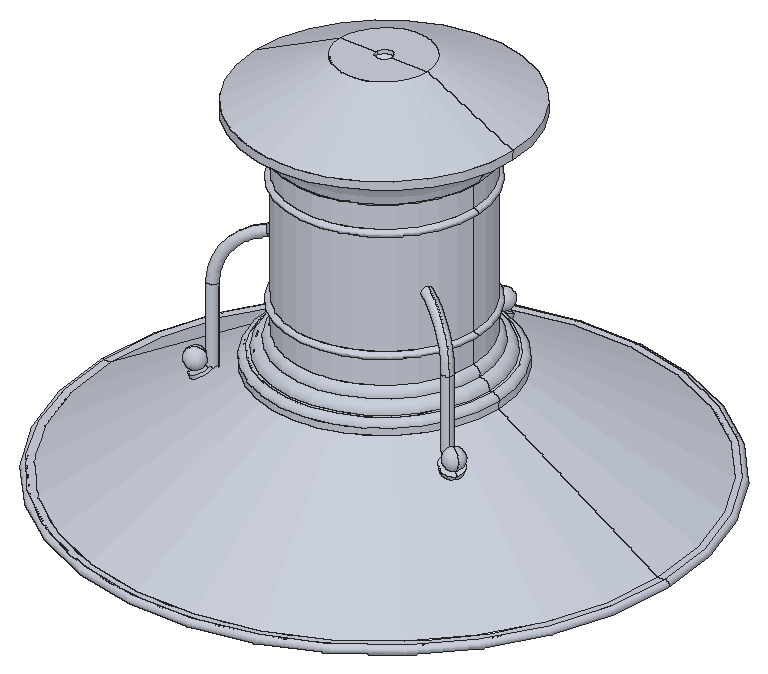
Revit family "MCA18 SHADE", category Lighting Fixtures, Revit 2024
Family settings
  Round Connector Dimension = Use Diameter
  Part Type = Normal
  OmniClass Number = 23.80.70.00
  OmniClass Title = Lighting
  Work Plane-Based = No
  Always vertical = Yes
  Cut with Voids When Loaded = No
  Light Source = Yes
  Maintain Annotation Orientation = No
  Shared = No
  Room Calculation Point = No
Parameters
  Wattage = 12.1178 W
  built-in parameter 1150110 = 1 (stored number, unit not read)
  built-in parameter 1114217 = 1 (stored number, unit not read)
  built-in parameter 1150109 = 1 (stored number, unit not read)
  built-in parameter 1150134 = (empty or 0)
  built-in parameter 1150113 = 1 (stored number, unit not read)
  Lumens = 1800 lm
  built-in parameter 1150115 = 1 (stored number, unit not read)
  built-in parameter 1150105 = 572.96 (stored number, unit not read)
  Light Source Symbol Size = 2' - 0"
  built-in parameter 1150137 = (empty or 0)
  built-in parameter 1150139 = (empty or 0)
  built-in parameter 1150112 = 1 (stored number, unit not read)
  built-in parameter 1150114 = 1 (stored number, unit not read)
  built-in parameter 1150132 = 2
  built-in parameter 1150102 = (empty or 0)
  built-in parameter 1150138 = (empty or 0)
  built-in parameter 1150107 = 3000 (stored number, unit not read)
  built-in parameter 1150106 = 5.7296 (stored number, unit not read)
  built-in parameter 1150104 = 13.8 (stored number, unit not read)
  Dimming Lamp Color Temperature Shift = (empty or 0)
  Default Elevation = 0' - 0"
  Color Filter = 16777215
  built-in parameter 1114218 = 1 (stored number, unit not read)
  built-in parameter 1150133 = 10 (stored number, unit not read)
Reference planes (in)
  plane 1 "Light Source Axis (F/B)": y = 0
  plane 2: z = 0
  plane 3 "Light Source Axis (L/R)": x = 0
  plane 4 "Light Source Elevation": z = 84
Forms (in)
  Revolve 1, solid
    sketch origin (0, 0, 0) x (1, 0, 0) y (0, 0, 1)
      loop
        line (-3.625, 87.24996) -> (-8.665, 84.25) -> (-8.875, 84.25)
        arc (-8.875, 84.25) -> (-8.97602, 84.05138) -> (-8.756, 84.08673) r 0.125
        line (-8.756, 84.08673) -> (-3.53125, 87.19667) -> (-3.53125, 87.44996)
        arc (-3.53125, 87.44996) -> (-3.50013, 87.52509) -> (-3.425, 87.55621) r 0.10625
        line (-3.425, 87.55621) -> (-3.20871, 87.55621)
        arc (-3.20871, 87.55621) -> (-3.20089, 87.75767) -> (-3.025, 87.85621) r 0.20625
        line (-3.025, 87.85621) -> (-2.93115, 87.95007)
        arc (-2.93115, 87.95007) -> (-2.87699, 88.09463) -> (-2.73363, 88.15189) r 0.19092
        line (-2.73363, 88.15189) -> (-2.73363, 88.96715) -> (-2.73363, 92.41311) -> (-2.73363, 93.49224) -> (-2.79841, 93.49224)
        arc (-2.79841, 93.49224) -> (-2.86377, 93.47668) -> (-2.92608, 93.50182) r 0.11064
        arc (-2.92608, 93.50182) -> (-3.32587, 94.14724) -> (-3.98544, 94.52321) r 1.53995
        line (-3.98544, 94.52321) -> (-3.98544, 94.64105) -> (-1.35364, 95.90625) -> (-0.25, 95.90625) -> (-0.25, 96) -> (-1.375, 96) -> (-4.07919, 94.7) -> (-4.07919, 94.45)
        arc (-4.07919, 94.45) -> (-3.40842, 94.09632) -> (-3.00882, 93.45186) r 1.4462
        arc (-3.00882, 93.45186) -> (-2.92656, 93.39538) -> (-2.82738, 93.38457) r 0.20439
        line (-2.82738, 93.38457) -> (-2.82738, 92.64962)
        spline (-2.82738, 92.64962) -> (-2.86775, 92.63099) -> (-2.90078, 92.61249) -> (-2.92647, 92.59412) -> (-2.94482, 92.57587) -> (-2.95583, 92.55776) -> (-2.9595, 92.53978) -> (-2.95583, 92.52192) -> (-2.94482, 92.50419) -> (-2.92647, 92.48659) -> (-2.90078, 92.46912) -> (-2.86775, 92.45178) -> (-2.82738, 92.43457)
        line (-2.82738, 92.43457) -> (-2.82738, 89.1822)
        spline (-2.82738, 89.1822) -> (-2.86775, 89.16357) -> (-2.90078, 89.14507) -> (-2.92647, 89.1267) -> (-2.94482, 89.10846) -> (-2.95583, 89.09034) -> (-2.9595, 89.07236) -> (-2.95583, 89.0545) -> (-2.94482, 89.03677) -> (-2.92647, 89.01917) -> (-2.90078, 89.0017) -> (-2.86775, 88.98436) -> (-2.82738, 88.96715)
        line (-2.82738, 88.96715) -> (-2.82738, 88.2322)
        arc (-2.82738, 88.2322) -> (-2.97373, 88.12437) -> (-3.025, 87.94996) r 0.28467
        arc (-3.025, 87.94996) -> (-3.23713, 87.8621) -> (-3.325, 87.64996) r 0.3
        line (-3.325, 87.64996) -> (-3.425, 87.64996)
        arc (-3.425, 87.64996) -> (-3.56642, 87.59139) -> (-3.625, 87.44996) r 0.2
        line (-3.625, 87.44996) -> (-3.625, 87.24996)
      axis (0, 96) -> (0, 84.08673)
    angle from 0 to 360
  Revolve 2, solid, not visible
    sketch origin (0, 0, 0) x (1, 0, 0) y (0, 0, 1)
      loop
        line (-2.99192, 88.09279) -> (-2.89556, 88.09279) -> (-2.89556, 88.38477) -> (-2.99192, 88.38477) -> (-2.99192, 88.09279)
      axis (-2.89556, 88.09279) -> (-2.99192, 88.09279)
    angle from 0 to 360
  Sweep 3, solid, not visible
    path origin (0, 0, 0) x (1, 0, 0) y (0, 0, 1)
      loop
        arc (-2.97158, 88.08519) -> (-3.96217, 87.55604) -> (-4.35786, 86.505) r 1.59375
        line (-4.35786, 86.505) -> (-4.35786, 85.3018)
    profile origin (-3.96217, 0, 87.55604) x (0.751723, 0, -0.659479) y (0, -1, 0)
      loop
        circle (0, 0) r 0.15625
  Revolve 4, solid, not visible
    sketch origin (0, 0, 0) x (1, 0, 0) y (0, 0, 1)
      loop
        line (-4.84702, 85.01395) -> (-4.61007, 85.21882) -> (-4.67548, 85.29447) -> (-5.07238, 85.7535)
        arc (-5.07238, 85.7535) -> (-5.11657, 85.32649) -> (-4.68956, 85.2823) r 0.30356
        line (-4.68956, 85.2823) -> (-4.91791, 85.08485) -> (-4.84702, 85.01395)
      axis (-4.61007, 85.21882) -> (-5.07238, 85.7535)
    angle from 0 to 360
  Revolve 5, solid
    sketch origin (0, -0.06637, 2.71559) x (0, -1, 0) y (0, 0, 1)
      loop
        line (-2.99192, 88.09279) -> (-2.89556, 88.09279) -> (-2.89556, 88.38477) -> (-2.99192, 88.38477) -> (-2.99192, 88.09279)
      axis (-2.89556, 88.09279) -> (-2.99192, 88.09279)
    angle from 0 to 360
  Sweep 6, solid
    path origin (0, -0.06637, 2.71559) x (0, -1, 0) y (0, 0, 1)
      loop
        arc (-2.97158, 88.08519) -> (-3.96217, 87.55604) -> (-4.35786, 86.505) r 1.59375
        line (-4.35786, 86.505) -> (-4.35786, 84.005)
    profile origin (0, 3.8958, 90.27164) x (0, -0.751723, -0.659479) y (-1, 0, 0)
      loop
        circle (0, 0) r 0.15625
  Revolve 7, solid
    sketch origin (0, -0.11904, 0.94241) x (0, -1, 0) y (0, 0, 1)
      loop
        line (-4.66401, 85.73047) -> (-4.98186, 86.35429)
        arc (-4.98186, 86.35429) -> (-5.12976, 85.97297) -> (-4.76555, 85.78687) r 0.30522
        line (-4.76555, 85.78687) -> (-5.01862, 85.65792) -> (-4.97488, 85.57207) -> (-4.66401, 85.73047)
      axis (-4.66401, 85.73047) -> (-4.98186, 86.35429)
    angle from 0 to 360
  Sweep 8, solid
    path origin (-0.05748, 0.03319, 2.71559) x (-0.866025, 0.5, 0) y (0, 0, 1)
      loop
        arc (-2.97158, 88.08519) -> (-3.96217, 87.55604) -> (-4.35786, 86.505) r 1.59375
        line (-4.35786, 86.505) -> (-4.35786, 84.005)
    profile origin (3.37386, -1.9479, 90.27164) x (-0.651011, 0.375862, -0.659479) y (0.5, 0.866025, 0)
      loop
        circle (0, 0) r 0.15625
  Revolve 9, solid
    sketch origin (-0.10309, 0.05952, 0.94241) x (-0.866025, 0.5, 0) y (0, 0, 1)
      loop
        line (-4.66401, 85.73047) -> (-4.98186, 86.35429)
        arc (-4.98186, 86.35429) -> (-5.12976, 85.97297) -> (-4.76555, 85.78687) r 0.30522
        line (-4.76555, 85.78687) -> (-5.01862, 85.65792) -> (-4.97488, 85.57207) -> (-4.66401, 85.73047)
      axis (-4.66401, 85.73047) -> (-4.98186, 86.35429)
    angle from 0 to 360
  Sweep 10, solid
    path origin (0.05748, 0.03319, 2.71559) x (0.866025, 0.5, 0) y (0, 0, 1)
      loop
        arc (-2.97158, 88.08519) -> (-3.96217, 87.55604) -> (-4.35786, 86.505) r 1.59375
        line (-4.35786, 86.505) -> (-4.35786, 84.005)
    profile origin (-3.37386, -1.9479, 90.27164) x (0.651011, 0.375862, -0.659479) y (0.5, -0.866025, 0)
      loop
        circle (0, 0) r 0.15625
  Revolve 11, solid
    sketch origin (0.10309, 0.05952, 0.94241) x (0.866025, 0.5, 0) y (0, 0, 1)
      loop
        line (-4.66401, 85.73047) -> (-4.98186, 86.35429)
        arc (-4.98186, 86.35429) -> (-5.12976, 85.97297) -> (-4.76555, 85.78687) r 0.30522
        line (-4.76555, 85.78687) -> (-5.01862, 85.65792) -> (-4.97488, 85.57207) -> (-4.66401, 85.73047)
      axis (-4.66401, 85.73047) -> (-4.98186, 86.35429)
    angle from 0 to 360
Dimensions and locks (in)
  aligned and locked: plane 3 "Light Source Axis (L/R)" to imposter light
  aligned and locked: plane 1 "Light Source Axis (F/B)" to imposter light
  aligned and locked: plane 4 "Light Source Elevation" to imposter light
  aligned and locked: level to plane 2
